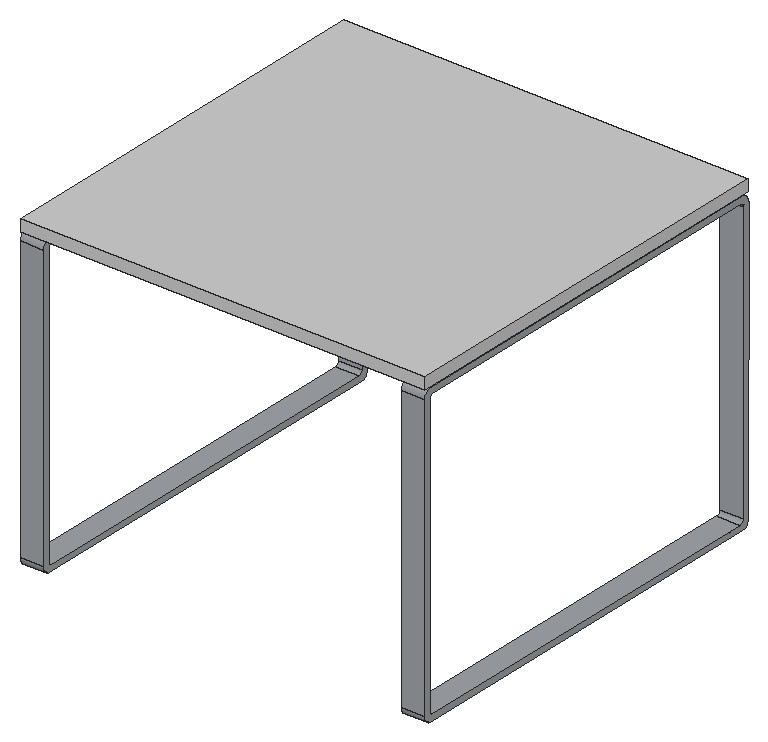
Revit family
Parameters
  URL = "http://www.martinbrattrud.com"
  Table [instance] = none
  SCS Certified Product = "Yes"
  Model = "Serif 532-26SHS"
  Manufacturer = "Martin Brattrud, Inc."
  Legs [instance] = none
  Keynote = "125000"
  Copyright = "© 2013 Martin Brattrud, Inc."
  Authoring Version = "Revit Architecture 2010"
  Assembly Code = "E2020200"
Reference planes (in)
  plane 1 "Center Front/Back": y = 0
  plane 2: z = 0
  plane 3 "Center Left/Right": x = 0
Forms (in)
  Extrusion 1, solid, material <- "Legs"
    sketch origin (-12.25, 0, 0) x (0, 1, 0) y (0, 0, 1)
      loop
        arc (13, 18.935) -> (12.85355, 19.28855) -> (12.5, 19.435) r 0.5
        line (12.5, 19.435) -> (-12.5, 19.435)
        arc (-12.5, 19.435) -> (-12.85355, 19.28855) -> (-13, 18.935) r 0.5
        line (-13, 18.935) -> (-13, 0.6875)
        arc (-13, 0.6875) -> (-12.85355, 0.33395) -> (-12.5, 0.1875) r 0.5
        line (-12.5, 0.1875) -> (12.5, 0.1875)
        arc (12.5, 0.1875) -> (12.85355, 0.33395) -> (13, 0.6875) r 0.5
        line (13, 0.6875) -> (13, 18.935)
      loop
        arc (12.625, 18.81) -> (12.55178, 18.98678) -> (12.375, 19.06) r 0.25
        line (12.375, 19.06) -> (-12.375, 19.06)
        arc (-12.375, 19.06) -> (-12.55178, 18.98678) -> (-12.625, 18.81) r 0.25
        line (-12.625, 18.81) -> (-12.625, 0.8125)
        arc (-12.625, 0.8125) -> (-12.55178, 0.63572) -> (-12.375, 0.5625) r 0.25
        line (-12.375, 0.5625) -> (12.375, 0.5625)
        arc (12.375, 0.5625) -> (12.55178, 0.63572) -> (12.625, 0.8125) r 0.25
        line (12.625, 0.8125) -> (12.625, 18.81)
    from -0.75 to 0.75
  Revolve 2, solid
    sketch origin (-12.25, -5, 0) x (0, 1, 0) y (0, 0, 1)
      loop
        line (-6.4375, 0) -> (-6.4375, 0.1875) -> (-7, 0.1875) -> (-7, 0.125)
        arc (-7, 0.125) -> (-6.96339, 0.03661) -> (-6.875, 0) r 0.125
        line (-6.875, 0) -> (-6.4375, 0)
      axis (-6.4375, 0) -> (-6.4375, 0.1875)
    angle from 0 to 360
  Revolve 3, solid
    sketch origin (-12.25, 17.875, 0) x (0, 1, 0) y (0, 0, 1)
      loop
        line (-6.4375, 0) -> (-6.4375, 0.1875) -> (-7, 0.1875) -> (-7, 0.125)
        arc (-7, 0.125) -> (-6.96339, 0.03661) -> (-6.875, 0) r 0.125
        line (-6.875, 0) -> (-6.4375, 0)
      axis (-6.4375, 0) -> (-6.4375, 0.1875)
    angle from 0 to 360
  Extrusion 4, solid, material <- "Legs"
    sketch origin (12.25, 0, 0) x (0, 1, 0) y (0, 0, -1)
      loop
        line (13, -18.935) -> (13, -0.6875)
        arc (13, -0.6875) -> (12.85355, -0.33395) -> (12.5, -0.1875) r 0.5
        line (12.5, -0.1875) -> (-12.5, -0.1875)
        arc (-12.5, -0.1875) -> (-12.85355, -0.33395) -> (-13, -0.6875) r 0.5
        line (-13, -0.6875) -> (-13, -18.935)
        arc (-13, -18.935) -> (-12.85355, -19.28855) -> (-12.5, -19.435) r 0.5
        line (-12.5, -19.435) -> (12.5, -19.435)
        arc (12.5, -19.435) -> (12.85355, -19.28855) -> (13, -18.935) r 0.5
      loop
        line (12.625, -18.81) -> (12.625, -0.8125)
        arc (12.625, -0.8125) -> (12.55178, -0.63572) -> (12.375, -0.5625) r 0.25
        line (12.375, -0.5625) -> (-12.375, -0.5625)
        arc (-12.375, -0.5625) -> (-12.55178, -0.63572) -> (-12.625, -0.8125) r 0.25
        line (-12.625, -0.8125) -> (-12.625, -18.81)
        arc (-12.625, -18.81) -> (-12.55178, -18.98678) -> (-12.375, -19.06) r 0.25
        line (-12.375, -19.06) -> (12.375, -19.06)
        arc (12.375, -19.06) -> (12.55178, -18.98678) -> (12.625, -18.81) r 0.25
    from -0.75 to 0.75
  Revolve 5, solid
    sketch origin (12.25, -5, 0) x (0, 1, 0) y (0, 0, -1)
      loop
        line (-6.4375, 0) -> (-6.875, 0)
        arc (-6.875, 0) -> (-6.96339, -0.03661) -> (-7, -0.125) r 0.125
        line (-7, -0.125) -> (-7, -0.1875) -> (-6.4375, -0.1875) -> (-6.4375, 0)
      axis (-6.4375, 0) -> (-6.4375, -0.1875)
    angle from 0 to 360
  Revolve 6, solid
    sketch origin (12.25, 17.875, 0) x (0, 1, 0) y (0, 0, -1)
      loop
        line (-6.4375, 0) -> (-6.875, 0)
        arc (-6.875, 0) -> (-6.96339, -0.03661) -> (-7, -0.125) r 0.125
        line (-7, -0.125) -> (-7, -0.1875) -> (-6.4375, -0.1875) -> (-6.4375, 0)
      axis (-6.4375, 0) -> (-6.4375, -0.1875)
    angle from 0 to 360
  Extrusion 7, solid, material <- "Table"
    sketch origin (0, 0, 0) x (1, 0, 0) y (0, 1, 0)
      loop
        line (-13, 13) -> (-13, -13) -> (13, -13) -> (13, 13) -> (-13, 13)
    from 19.4975 to 20.2475
